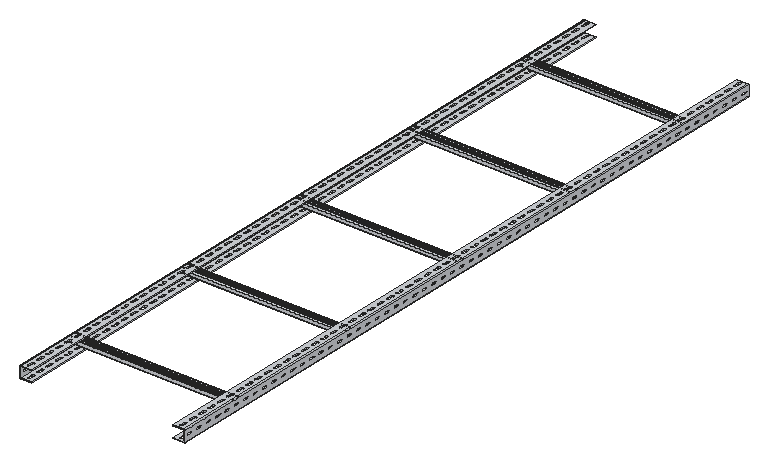
Revit family "steigeleiter_7_FT_FTSO_FTK_A2_A4.700rfa", category Generic Models, Revit 2017 (continued)
Automatic sketch dimensions
  Extrusion 33 sketch curve to Extrusion 33 sketch curve = 19 mm
  Extrusion 34 sketch curve to Extrusion 34 sketch curve = 19 mm
  Extrusion 35 sketch curve to Extrusion 35 sketch curve = 19 mm
  Extrusion 36 sketch curve to Extrusion 36 sketch curve = 19 mm
  Extrusion 37 sketch curve to Extrusion 37 sketch curve = 19 mm
  Extrusion 38 sketch curve to Extrusion 38 sketch curve = 19 mm
  Extrusion 39 sketch curve to Extrusion 39 sketch curve = 19 mm
  Extrusion 40 sketch curve to Extrusion 40 sketch curve = 19 mm
  Extrusion 41 sketch curve to Extrusion 41 sketch curve = 19 mm
  Extrusion 42 sketch curve to Extrusion 42 sketch curve = 19 mm
  Extrusion 43 sketch curve to Extrusion 43 sketch curve = 19 mm
  Extrusion 44 sketch curve to Extrusion 44 sketch curve = 19 mm
  Extrusion 45 sketch curve to Extrusion 45 sketch curve = 19 mm
  Extrusion 46 sketch curve to Extrusion 46 sketch curve = 19 mm
  Extrusion 47 sketch curve to Extrusion 47 sketch curve = 19 mm
  Extrusion 48 sketch curve to Extrusion 48 sketch curve = 19 mm
  Extrusion 49 sketch curve to Extrusion 49 sketch curve = 19 mm
  Extrusion 50 sketch curve to Extrusion 50 sketch curve = 19 mm
  Extrusion 51 sketch curve to Extrusion 51 sketch curve = 19 mm
  Extrusion 52 sketch curve to Extrusion 52 sketch curve = 19 mm
  Extrusion 53 sketch curve to Extrusion 53 sketch curve = 19 mm
  Extrusion 54 sketch curve to Extrusion 54 sketch curve = 19 mm
  Extrusion 55 sketch curve to Extrusion 55 sketch curve = 19 mm
  Extrusion 56 sketch curve to Extrusion 56 sketch curve = 19 mm
  Extrusion 57 sketch curve to Extrusion 57 sketch curve = 19 mm
  Extrusion 58 sketch curve to Extrusion 58 sketch curve = 19 mm
  Extrusion 59 sketch curve to Extrusion 59 sketch curve = 19 mm
  Extrusion 60 sketch curve to Extrusion 60 sketch curve = 19 mm
  Extrusion 61 sketch curve to Extrusion 61 sketch curve = 19 mm
  Extrusion 62 sketch curve to Extrusion 62 sketch curve = 19 mm
  Extrusion 63 sketch curve to Extrusion 63 sketch curve = 19 mm
  Extrusion 64 sketch curve to Extrusion 64 sketch curve = 19 mm
  Extrusion 65 sketch curve to Extrusion 65 sketch curve = 19 mm
  Extrusion 66 sketch curve to Extrusion 66 sketch curve = 19 mm
  Extrusion 67 sketch curve to Extrusion 67 sketch curve = 19 mm
  Extrusion 68 sketch curve to Extrusion 68 sketch curve = 19 mm
  Extrusion 69 sketch curve to Extrusion 69 sketch curve = 19 mm
  Extrusion 70 sketch curve to Extrusion 70 sketch curve = 19 mm
  Extrusion 71 sketch curve to Extrusion 71 sketch curve = 19 mm
  Extrusion 72 sketch curve to Extrusion 72 sketch curve = 19 mm
  Extrusion 73 sketch curve to Extrusion 73 sketch curve = 19 mm
  Extrusion 74 sketch curve to Extrusion 74 sketch curve = 19 mm
  Extrusion 75 sketch curve to Extrusion 75 sketch curve = 19 mm
  Extrusion 76 sketch curve to Extrusion 76 sketch curve = 19 mm
  Extrusion 77 sketch curve to Extrusion 77 sketch curve = 19 mm
  Extrusion 78 sketch curve to Extrusion 78 sketch curve = 19 mm
  Extrusion 79 sketch curve to Extrusion 79 sketch curve = 19 mm
  Extrusion 80 sketch curve to Extrusion 80 sketch curve = 19 mm
  Extrusion 81 sketch curve to Extrusion 81 sketch curve = 19 mm
  Extrusion 82 sketch curve to Extrusion 82 sketch curve = 19 mm
  Extrusion 83 sketch curve to Extrusion 83 sketch curve = 19 mm
  Extrusion 84 sketch curve to Extrusion 84 sketch curve = 19 mm
  Extrusion 85 sketch curve to Extrusion 85 sketch curve = 19 mm
  Extrusion 86 sketch curve to Extrusion 86 sketch curve = 19 mm
  Extrusion 87 sketch curve to Extrusion 87 sketch curve = 19 mm
  Extrusion 88 sketch curve to Extrusion 88 sketch curve = 19 mm
  Extrusion 89 sketch curve to Extrusion 89 sketch curve = 19 mm
  Extrusion 90 sketch curve to Extrusion 90 sketch curve = 19 mm
  Extrusion 91 sketch curve to Extrusion 91 sketch curve = 19 mm
  Extrusion 92 sketch curve to Extrusion 92 sketch curve = 19 mm
  Extrusion 93 sketch curve to Extrusion 93 sketch curve = 19 mm
  Extrusion 94 sketch curve to Extrusion 94 sketch curve = 19 mm
  Extrusion 95 sketch curve to Extrusion 95 sketch curve = 19 mm
  Extrusion 96 sketch curve to Extrusion 96 sketch curve = 19 mm
  Extrusion 97 sketch curve to Extrusion 97 sketch curve = 19 mm
  Extrusion 98 sketch curve to Extrusion 98 sketch curve = 19 mm
  Extrusion 99 sketch curve to Extrusion 99 sketch curve = 19 mm
  Extrusion 100 sketch curve to Extrusion 100 sketch curve = 19 mm
  Extrusion 101 sketch curve to Extrusion 101 sketch curve = 19 mm
  Extrusion 102 sketch curve to Extrusion 102 sketch curve = 19 mm
  Extrusion 103 sketch curve to Extrusion 103 sketch curve = 19 mm
  Extrusion 104 sketch curve to Extrusion 104 sketch curve = 19 mm
  Extrusion 105 sketch curve to Extrusion 105 sketch curve = 19 mm
  Extrusion 106 sketch curve to Extrusion 106 sketch curve = 19 mm
  Extrusion 107 sketch curve to Extrusion 107 sketch curve = 19 mm
  Extrusion 108 sketch curve to Extrusion 108 sketch curve = 19 mm
  Extrusion 109 sketch curve to Extrusion 109 sketch curve = 19 mm
  Extrusion 110 sketch curve to Extrusion 110 sketch curve = 19 mm
  Extrusion 111 sketch curve to Extrusion 111 sketch curve = 19 mm
  Extrusion 112 sketch curve to Extrusion 112 sketch curve = 19 mm
  Extrusion 113 sketch curve to Extrusion 113 sketch curve = 19 mm
  Extrusion 114 sketch curve to Extrusion 114 sketch curve = 19 mm
  Extrusion 115 sketch curve to Extrusion 115 sketch curve = 19 mm
  Extrusion 116 sketch curve to Extrusion 116 sketch curve = 19 mm
  Extrusion 117 sketch curve to Extrusion 117 sketch curve = 19 mm
  Extrusion 118 sketch curve to Extrusion 118 sketch curve = 19 mm
  Extrusion 119 sketch curve to Extrusion 119 sketch curve = 19 mm
  Extrusion 120 sketch curve to Extrusion 120 sketch curve = 19 mm
  Extrusion 121 sketch curve to Extrusion 121 sketch curve = 19 mm
  Extrusion 122 sketch curve to Extrusion 122 sketch curve = 19 mm
  Extrusion 123 sketch curve to Extrusion 123 sketch curve = 19 mm
  Extrusion 124 sketch curve to Extrusion 124 sketch curve = 19 mm
  Extrusion 125 sketch curve to Extrusion 125 sketch curve = 19 mm
  Extrusion 126 sketch curve to Extrusion 126 sketch curve = 19 mm
  Extrusion 127 sketch curve to Extrusion 127 sketch curve = 19 mm
  Extrusion 128 sketch curve to Extrusion 128 sketch curve = 19 mm
  Extrusion 129 sketch curve to Extrusion 129 sketch curve = 19 mm
  Extrusion 130 sketch curve to Extrusion 130 sketch curve = 19 mm
  Extrusion 131 sketch curve to Extrusion 131 sketch curve = 19 mm
  Extrusion 132 sketch curve to Extrusion 132 sketch curve = 19 mm
  Extrusion 133 sketch curve to Extrusion 133 sketch curve = 19 mm
  Extrusion 134 sketch curve to Extrusion 134 sketch curve = 19 mm
  Extrusion 135 sketch curve to Extrusion 135 sketch curve = 19 mm
  Extrusion 136 sketch curve to Extrusion 136 sketch curve = 19 mm
  Extrusion 137 sketch curve to Extrusion 137 sketch curve = 19 mm
  Extrusion 138 sketch curve to Extrusion 138 sketch curve = 19 mm
  Extrusion 139 sketch curve to Extrusion 139 sketch curve = 19 mm
  Extrusion 140 sketch curve to Extrusion 140 sketch curve = 19 mm
  Extrusion 141 sketch curve to Extrusion 141 sketch curve = 19 mm
  Extrusion 142 sketch curve to Extrusion 142 sketch curve = 19 mm
  Extrusion 143 sketch curve to Extrusion 143 sketch curve = 19 mm
  Extrusion 144 sketch curve to Extrusion 144 sketch curve = 19 mm
  Extrusion 145 sketch curve to Extrusion 145 sketch curve = 19 mm
  Extrusion 146 sketch curve to Extrusion 146 sketch curve = 19 mm
  Extrusion 147 sketch curve to Extrusion 147 sketch curve = 19 mm
  Extrusion 148 sketch curve to Extrusion 148 sketch curve = 19 mm
  Extrusion 149 sketch curve to Extrusion 149 sketch curve = 19 mm
  Extrusion 150 sketch curve to Extrusion 150 sketch curve = 19 mm
  Extrusion 151 sketch curve to Extrusion 151 sketch curve = 19 mm
  Extrusion 152 sketch curve to Extrusion 152 sketch curve = 19 mm
  Extrusion 153 sketch curve to Extrusion 153 sketch curve = 19 mm
  Extrusion 154 sketch curve to Extrusion 154 sketch curve = 19 mm
  Extrusion 155 sketch curve to Extrusion 155 sketch curve = 19 mm
  Extrusion 156 sketch curve to Extrusion 156 sketch curve = 19 mm
  Extrusion 157 sketch curve to Extrusion 157 sketch curve = 19 mm
  Extrusion 158 sketch curve to Extrusion 158 sketch curve = 19 mm
  Extrusion 159 sketch curve to Extrusion 159 sketch curve = 19 mm
  Extrusion 160 sketch curve to Extrusion 160 sketch curve = 19 mm
  Extrusion 161 sketch curve to Extrusion 161 sketch curve = 19 mm
  Extrusion 162 sketch curve to Extrusion 162 sketch curve = 19 mm
  Extrusion 163 sketch curve to Extrusion 163 sketch curve = 19 mm
  Extrusion 164 sketch curve to Extrusion 164 sketch curve = 19 mm
  Extrusion 165 sketch curve to Extrusion 165 sketch curve = 19 mm
  Extrusion 166 sketch curve to Extrusion 166 sketch curve = 19 mm
  Extrusion 167 sketch curve to Extrusion 167 sketch curve = 19 mm
  Extrusion 168 sketch curve to Extrusion 168 sketch curve = 19 mm
  Extrusion 169 sketch curve to Extrusion 169 sketch curve = 19 mm
  Extrusion 170 sketch curve to Extrusion 170 sketch curve = 19 mm
  Extrusion 171 sketch curve to Extrusion 171 sketch curve = 19 mm
  Extrusion 172 sketch curve to Extrusion 172 sketch curve = 19 mm
  Extrusion 173 sketch curve to Extrusion 173 sketch curve = 19 mm
  Extrusion 174 sketch curve to Extrusion 174 sketch curve = 19 mm
  Extrusion 175 sketch curve to Extrusion 175 sketch curve = 19 mm
  Extrusion 176 sketch curve to Extrusion 176 sketch curve = 19 mm
  Extrusion 177 sketch curve to Extrusion 177 sketch curve = 19 mm
  Extrusion 178 sketch curve to Extrusion 178 sketch curve = 19 mm
  Extrusion 179 sketch curve to Extrusion 179 sketch curve = 19 mm
  Extrusion 180 sketch curve to Extrusion 180 sketch curve = 19 mm
  Extrusion 181 sketch curve to Extrusion 181 sketch curve = 19 mm
  Extrusion 182 sketch curve to Extrusion 182 sketch curve = 19 mm
  Extrusion 183 sketch curve to Extrusion 183 sketch curve = 19 mm
  Extrusion 184 sketch curve to Extrusion 184 sketch curve = 19.197 mm
  Extrusion 185 sketch curve to Extrusion 185 sketch curve = 19.197 mm
  Extrusion 186 sketch curve to Extrusion 186 sketch curve = 19.197 mm
  Extrusion 187 sketch curve to Extrusion 187 sketch curve = 19.197 mm
  Extrusion 188 sketch curve to Extrusion 188 sketch curve = 19.197 mm
  Extrusion 189 sketch curve to Extrusion 189 sketch curve = 19.197 mm
  Extrusion 190 sketch curve to Extrusion 190 sketch curve = 19.197 mm
  Extrusion 191 sketch curve to Extrusion 191 sketch curve = 19.197 mm
  Extrusion 192 sketch curve to Extrusion 192 sketch curve = 19.197 mm
  Extrusion 193 sketch curve to Extrusion 193 sketch curve = 19.197 mm
  Extrusion 194 sketch curve to Extrusion 194 sketch curve = 19.197 mm
  Extrusion 195 sketch curve to Extrusion 195 sketch curve = 19.197 mm
  Extrusion 196 sketch curve to Extrusion 196 sketch curve = 19.197 mm
  Extrusion 197 sketch curve to Extrusion 197 sketch curve = 19.197 mm
  Extrusion 198 sketch curve to Extrusion 198 sketch curve = 19.197 mm
  Extrusion 199 sketch curve to Extrusion 199 sketch curve = 19.197 mm
  Extrusion 200 sketch curve to Extrusion 200 sketch curve = 19.197 mm
  Extrusion 201 sketch curve to Extrusion 201 sketch curve = 19.197 mm
  Extrusion 202 sketch curve to Extrusion 202 sketch curve = 19.197 mm
  Extrusion 203 sketch curve to Extrusion 203 sketch curve = 19.197 mm
  Extrusion 204 sketch curve to Extrusion 204 sketch curve = 19.197 mm
  Extrusion 205 sketch curve to Extrusion 205 sketch curve = 19.197 mm
  Extrusion 206 sketch curve to Extrusion 206 sketch curve = 19.197 mm
  Extrusion 207 sketch curve to Extrusion 207 sketch curve = 19.197 mm
  Extrusion 208 sketch curve to Extrusion 208 sketch curve = 19.197 mm
  Extrusion 209 sketch curve to Extrusion 209 sketch curve = 19.197 mm
  Extrusion 210 sketch curve to Extrusion 210 sketch curve = 19.197 mm
  Extrusion 211 sketch curve to Extrusion 211 sketch curve = 19.197 mm
  Extrusion 212 sketch curve to Extrusion 212 sketch curve = 19.197 mm
  Extrusion 213 sketch curve to Extrusion 213 sketch curve = 19.197 mm
  Extrusion 214 sketch curve to Extrusion 214 sketch curve = 19.197 mm
  Extrusion 215 sketch curve to Extrusion 215 sketch curve = 19.197 mm
  Extrusion 216 sketch curve to Extrusion 216 sketch curve = 19.197 mm
  Extrusion 217 sketch curve to Extrusion 217 sketch curve = 19.197 mm
  Extrusion 218 sketch curve to Extrusion 218 sketch curve = 19.197 mm
  Extrusion 219 sketch curve to Extrusion 219 sketch curve = 19.197 mm
  Extrusion 220 sketch curve to Extrusion 220 sketch curve = 19.197 mm
  Extrusion 221 sketch curve to Extrusion 221 sketch curve = 19.197 mm
  Extrusion 222 sketch curve to Extrusion 222 sketch curve = 19.197 mm
  Extrusion 223 sketch curve to Extrusion 223 sketch curve = 19.197 mm
  Extrusion 224 sketch curve to Extrusion 224 sketch curve = 19.197 mm
  Extrusion 225 sketch curve to Extrusion 225 sketch curve = 19.197 mm
  Extrusion 226 sketch curve to Extrusion 226 sketch curve = 19.197 mm
  Extrusion 227 sketch curve to Extrusion 227 sketch curve = 19.197 mm
  Extrusion 228 sketch curve to Extrusion 228 sketch curve = 19.197 mm
  Extrusion 229 sketch curve to Extrusion 229 sketch curve = 19.197 mm
  Extrusion 230 sketch curve to Extrusion 230 sketch curve = 19.197 mm
  Extrusion 231 sketch curve to Extrusion 231 sketch curve = 19.197 mm
  Extrusion 232 sketch curve to Extrusion 232 sketch curve = 19.197 mm
  Extrusion 233 sketch curve to Extrusion 233 sketch curve = 19.197 mm
  Extrusion 234 sketch curve to Extrusion 234 sketch curve = 19.197 mm
  Extrusion 235 sketch curve to Extrusion 235 sketch curve = 19.197 mm
  Extrusion 236 sketch curve to Extrusion 236 sketch curve = 19.197 mm
  Extrusion 237 sketch curve to Extrusion 237 sketch curve = 19.197 mm
  Extrusion 238 sketch curve to Extrusion 238 sketch curve = 19.197 mm
  Extrusion 239 sketch curve to Extrusion 239 sketch curve = 19.197 mm
  Extrusion 240 sketch curve to Extrusion 240 sketch curve = 19.197 mm
  Extrusion 241 sketch curve to Extrusion 241 sketch curve = 19.197 mm
  Extrusion 242 sketch curve to Extrusion 242 sketch curve = 19.197 mm
  level to Extrusion 124 sketch curve = 30.5 mm
  Extrusion 124 sketch curve to plane 1 "Center (Front/Back)" = 65.5 mm
  Extrusion 243 sketch curve to Extrusion 243 sketch curve = 19 mm
  Extrusion 244 sketch curve to Extrusion 244 sketch curve = 19 mm
  Extrusion 245 sketch curve to Extrusion 245 sketch curve = 19 mm
  Extrusion 246 sketch curve to Extrusion 246 sketch curve = 19 mm
  Extrusion 247 sketch curve to Extrusion 247 sketch curve = 19 mm
  Extrusion 248 sketch curve to Extrusion 248 sketch curve = 19 mm
  Extrusion 249 sketch curve to Extrusion 249 sketch curve = 19 mm
  Extrusion 250 sketch curve to Extrusion 250 sketch curve = 19 mm
  Extrusion 251 sketch curve to Extrusion 251 sketch curve = 19 mm
  Extrusion 252 sketch curve to Extrusion 252 sketch curve = 19 mm
  Extrusion 253 sketch curve to Extrusion 253 sketch curve = 19 mm
  Extrusion 254 sketch curve to Extrusion 254 sketch curve = 19 mm
  Extrusion 255 sketch curve to Extrusion 255 sketch curve = 19 mm
  Extrusion 256 sketch curve to Extrusion 256 sketch curve = 19 mm
  Extrusion 257 sketch curve to Extrusion 257 sketch curve = 19 mm
  Extrusion 258 sketch curve to Extrusion 258 sketch curve = 19 mm
  Extrusion 259 sketch curve to Extrusion 259 sketch curve = 19 mm
  Extrusion 260 sketch curve to Extrusion 260 sketch curve = 19 mm
  Extrusion 261 sketch curve to Extrusion 261 sketch curve = 19 mm
  Extrusion 262 sketch curve to Extrusion 262 sketch curve = 19 mm
  Extrusion 263 sketch curve to Extrusion 263 sketch curve = 19 mm
  Extrusion 264 sketch curve to Extrusion 264 sketch curve = 19 mm
  Extrusion 265 sketch curve to Extrusion 265 sketch curve = 19 mm
  Extrusion 266 sketch curve to Extrusion 266 sketch curve = 19 mm
  Extrusion 267 sketch curve to Extrusion 267 sketch curve = 19 mm
  Extrusion 268 sketch curve to Extrusion 268 sketch curve = 19 mm
  Extrusion 269 sketch curve to Extrusion 269 sketch curve = 19 mm
  Extrusion 270 sketch curve to Extrusion 270 sketch curve = 19 mm
  Extrusion 271 sketch curve to Extrusion 271 sketch curve = 19 mm
  Extrusion 272 sketch curve to Extrusion 272 sketch curve = 19 mm
  Extrusion 273 sketch curve to Extrusion 273 sketch curve = 19 mm
  Extrusion 274 sketch curve to Extrusion 274 sketch curve = 19 mm
  Extrusion 275 sketch curve to Extrusion 275 sketch curve = 19 mm
  Extrusion 276 sketch curve to Extrusion 276 sketch curve = 19 mm
  Extrusion 277 sketch curve to Extrusion 277 sketch curve = 19 mm
  Extrusion 278 sketch curve to Extrusion 278 sketch curve = 19 mm
  Extrusion 279 sketch curve to Extrusion 279 sketch curve = 19 mm
  Extrusion 280 sketch curve to Extrusion 280 sketch curve = 19 mm
  Extrusion 281 sketch curve to Extrusion 281 sketch curve = 19 mm
  Extrusion 282 sketch curve to Extrusion 282 sketch curve = 19 mm
  Extrusion 283 sketch curve to Extrusion 283 sketch curve = 19 mm
  Extrusion 284 sketch curve to Extrusion 284 sketch curve = 19 mm
  Extrusion 285 sketch curve to Extrusion 285 sketch curve = 19 mm
  Extrusion 286 sketch curve to Extrusion 286 sketch curve = 19 mm
  Extrusion 287 sketch curve to Extrusion 287 sketch curve = 19 mm
  Extrusion 288 sketch curve to Extrusion 288 sketch curve = 19 mm
  Extrusion 289 sketch curve to Extrusion 289 sketch curve = 19 mm
  Extrusion 290 sketch curve to Extrusion 290 sketch curve = 19 mm
  Extrusion 291 sketch curve to Extrusion 291 sketch curve = 19 mm
  Extrusion 292 sketch curve to Extrusion 292 sketch curve = 19 mm
  Extrusion 293 sketch curve to Extrusion 293 sketch curve = 19 mm
  Extrusion 294 sketch curve to Extrusion 294 sketch curve = 19 mm
  Extrusion 295 sketch curve to Extrusion 295 sketch curve = 19 mm
  Extrusion 296 sketch curve to Extrusion 296 sketch curve = 19 mm
  Extrusion 297 sketch curve to Extrusion 297 sketch curve = 19 mm
  Extrusion 298 sketch curve to Extrusion 298 sketch curve = 19 mm
  Extrusion 299 sketch curve to Extrusion 299 sketch curve = 19 mm
  Extrusion 300 sketch curve to Extrusion 300 sketch curve = 19 mm
  Extrusion 301 sketch curve to Extrusion 301 sketch curve = 19 mm
  Extrusion 62 sketch curve to plane 6 = 30.5 mm
  Extrusion 62 sketch curve to plane 1 "Center (Front/Back)" = 15.5 mm
  Extrusion 302 sketch curve to Extrusion 302 sketch curve = 19 mm
  Extrusion 303 sketch curve to Extrusion 303 sketch curve = 19 mm
  Extrusion 304 sketch curve to Extrusion 304 sketch curve = 19 mm
  Extrusion 305 sketch curve to Extrusion 305 sketch curve = 19 mm
  Extrusion 306 sketch curve to Extrusion 306 sketch curve = 19 mm
  Extrusion 307 sketch curve to Extrusion 307 sketch curve = 19 mm
  Extrusion 308 sketch curve to Extrusion 308 sketch curve = 19 mm
  Extrusion 309 sketch curve to Extrusion 309 sketch curve = 19 mm
  Extrusion 310 sketch curve to Extrusion 310 sketch curve = 19 mm
  Extrusion 311 sketch curve to Extrusion 311 sketch curve = 19 mm
  Extrusion 312 sketch curve to Extrusion 312 sketch curve = 19 mm
  Extrusion 313 sketch curve to Extrusion 313 sketch curve = 19 mm
  Extrusion 314 sketch curve to Extrusion 314 sketch curve = 19 mm
  Extrusion 315 sketch curve to Extrusion 315 sketch curve = 19 mm
  Extrusion 316 sketch curve to Extrusion 316 sketch curve = 19 mm
  Extrusion 317 sketch curve to Extrusion 317 sketch curve = 19 mm
  Extrusion 318 sketch curve to Extrusion 318 sketch curve = 19 mm
  Extrusion 319 sketch curve to Extrusion 319 sketch curve = 19 mm
  Extrusion 320 sketch curve to Extrusion 320 sketch curve = 19 mm
  Extrusion 321 sketch curve to Extrusion 321 sketch curve = 19 mm
  Extrusion 322 sketch curve to Extrusion 322 sketch curve = 19 mm
  Extrusion 323 sketch curve to Extrusion 323 sketch curve = 19 mm
  Extrusion 324 sketch curve to Extrusion 324 sketch curve = 19 mm
  Extrusion 325 sketch curve to Extrusion 325 sketch curve = 19 mm
  Extrusion 326 sketch curve to Extrusion 326 sketch curve = 19 mm
  Extrusion 327 sketch curve to Extrusion 327 sketch curve = 19 mm
  Extrusion 328 sketch curve to Extrusion 328 sketch curve = 19 mm
  Extrusion 329 sketch curve to Extrusion 329 sketch curve = 19 mm
  Extrusion 330 sketch curve to Extrusion 330 sketch curve = 19 mm
  Extrusion 331 sketch curve to Extrusion 331 sketch curve = 19 mm
  Extrusion 332 sketch curve to Extrusion 332 sketch curve = 19 mm
  Extrusion 333 sketch curve to Extrusion 333 sketch curve = 19 mm
  Extrusion 334 sketch curve to Extrusion 334 sketch curve = 19 mm
  Extrusion 335 sketch curve to Extrusion 335 sketch curve = 19 mm
  Extrusion 336 sketch curve to Extrusion 336 sketch curve = 19 mm
  Extrusion 337 sketch curve to Extrusion 337 sketch curve = 19 mm
  Extrusion 338 sketch curve to Extrusion 338 sketch curve = 19 mm
  Extrusion 339 sketch curve to Extrusion 339 sketch curve = 19 mm
  Extrusion 340 sketch curve to Extrusion 340 sketch curve = 19 mm
  Extrusion 341 sketch curve to Extrusion 341 sketch curve = 19 mm
  Extrusion 342 sketch curve to Extrusion 342 sketch curve = 19 mm
  Extrusion 343 sketch curve to Extrusion 343 sketch curve = 19 mm
  Extrusion 344 sketch curve to Extrusion 344 sketch curve = 19 mm
  Extrusion 345 sketch curve to Extrusion 345 sketch curve = 19 mm
  Extrusion 346 sketch curve to Extrusion 346 sketch curve = 19 mm
  Extrusion 347 sketch curve to Extrusion 347 sketch curve = 19 mm
  Extrusion 348 sketch curve to Extrusion 348 sketch curve = 19 mm
  Extrusion 349 sketch curve to Extrusion 349 sketch curve = 19 mm
  Extrusion 350 sketch curve to Extrusion 350 sketch curve = 19 mm
  Extrusion 351 sketch curve to Extrusion 351 sketch curve = 19 mm
  Extrusion 352 sketch curve to Extrusion 352 sketch curve = 19 mm
  Extrusion 353 sketch curve to Extrusion 353 sketch curve = 19 mm
  Extrusion 354 sketch curve to Extrusion 354 sketch curve = 19 mm
  Extrusion 355 sketch curve to Extrusion 355 sketch curve = 19 mm
  Extrusion 356 sketch curve to Extrusion 356 sketch curve = 19 mm
  Extrusion 357 sketch curve to Extrusion 357 sketch curve = 19 mm
  Extrusion 358 sketch curve to Extrusion 358 sketch curve = 19 mm
  Extrusion 359 sketch curve to Extrusion 359 sketch curve = 19 mm
  Extrusion 360 sketch curve to Extrusion 360 sketch curve = 19 mm
  Extrusion 361 sketch curve to Extrusion 361 sketch curve = 19.197 mm
  Extrusion 362 sketch curve to Extrusion 362 sketch curve = 1.994 mm
  Extrusion 362 sketch curve to Extrusion 362 sketch curve = 1 mm
  Extrusion 362 sketch curve to Extrusion 362 sketch curve = 4 mm
  Extrusion 362 sketch curve to Extrusion 362 sketch curve = 1.5 mm
  Extrusion 362 sketch curve to Extrusion 362 sketch curve = 1.517 mm
  Extrusion 362 sketch curve to Extrusion 362 sketch curve = 3.995 mm
  Extrusion 362 sketch curve to Extrusion 362 sketch curve = 1.022 mm
  Extrusion 362 sketch curve to Extrusion 362 sketch curve = 1.965 mm
  Extrusion 362 sketch curve to Extrusion 362 sketch curve = 0 mm  (x13)
  Extrusion 362 sketch curve to Extrusion 362 sketch curve = 1.269 mm  (x2)
  Extrusion 362 sketch curve to Extrusion 362 sketch curve = 1.983 mm
  Extrusion 362 sketch curve to Extrusion 362 sketch curve = 8.269 mm
  Extrusion 363 sketch curve to Extrusion 363 sketch curve = 1.994 mm
  Extrusion 363 sketch curve to Extrusion 363 sketch curve = 1 mm
  Extrusion 363 sketch curve to Extrusion 363 sketch curve = 4 mm
  Extrusion 363 sketch curve to Extrusion 363 sketch curve = 1.5 mm
  Extrusion 363 sketch curve to Extrusion 363 sketch curve = 1.517 mm
  Extrusion 363 sketch curve to Extrusion 363 sketch curve = 3.995 mm
  Extrusion 363 sketch curve to Extrusion 363 sketch curve = 1.022 mm
  Extrusion 363 sketch curve to Extrusion 363 sketch curve = 1.965 mm
  Extrusion 363 sketch curve to Extrusion 363 sketch curve = 0 mm  (x13)
  Extrusion 363 sketch curve to Extrusion 363 sketch curve = 1.269 mm  (x2)
  Extrusion 363 sketch curve to Extrusion 363 sketch curve = 1.983 mm
  Extrusion 363 sketch curve to Extrusion 363 sketch curve = 8.269 mm
  Extrusion 364 sketch curve to Extrusion 364 sketch curve = 1.994 mm
  Extrusion 364 sketch curve to Extrusion 364 sketch curve = 1 mm
  Extrusion 364 sketch curve to Extrusion 364 sketch curve = 4 mm
  Extrusion 364 sketch curve to Extrusion 364 sketch curve = 1.5 mm
  Extrusion 364 sketch curve to Extrusion 364 sketch curve = 1.517 mm
  Extrusion 364 sketch curve to Extrusion 364 sketch curve = 3.995 mm
  Extrusion 364 sketch curve to Extrusion 364 sketch curve = 1.022 mm
  Extrusion 364 sketch curve to Extrusion 364 sketch curve = 1.965 mm
  Extrusion 364 sketch curve to Extrusion 364 sketch curve = 0 mm  (x13)
  Extrusion 364 sketch curve to Extrusion 364 sketch curve = 1.269 mm  (x2)
  Extrusion 364 sketch curve to Extrusion 364 sketch curve = 1.983 mm
  Extrusion 364 sketch curve to Extrusion 364 sketch curve = 8.269 mm
  Extrusion 365 sketch curve to Extrusion 365 sketch curve = 1.994 mm
  Extrusion 365 sketch curve to Extrusion 365 sketch curve = 1 mm
  Extrusion 365 sketch curve to Extrusion 365 sketch curve = 4 mm
  Extrusion 365 sketch curve to Extrusion 365 sketch curve = 1.5 mm
  Extrusion 365 sketch curve to Extrusion 365 sketch curve = 1.517 mm
  Extrusion 365 sketch curve to Extrusion 365 sketch curve = 3.995 mm
  Extrusion 365 sketch curve to Extrusion 365 sketch curve = 1.022 mm
  Extrusion 365 sketch curve to Extrusion 365 sketch curve = 1.965 mm
  Extrusion 365 sketch curve to Extrusion 365 sketch curve = 0 mm  (x13)
  Extrusion 365 sketch curve to Extrusion 365 sketch curve = 1.269 mm  (x2)
  Extrusion 365 sketch curve to Extrusion 365 sketch curve = 1.983 mm
  Extrusion 365 sketch curve to Extrusion 365 sketch curve = 8.269 mm
  Extrusion 366 sketch curve to Extrusion 366 sketch curve = 1.994 mm
  Extrusion 366 sketch curve to Extrusion 366 sketch curve = 1 mm
  Extrusion 366 sketch curve to Extrusion 366 sketch curve = 4 mm
  Extrusion 366 sketch curve to Extrusion 366 sketch curve = 1.5 mm
  Extrusion 366 sketch curve to Extrusion 366 sketch curve = 1.517 mm
  Extrusion 366 sketch curve to Extrusion 366 sketch curve = 3.995 mm
  Extrusion 366 sketch curve to Extrusion 366 sketch curve = 1.022 mm
  Extrusion 366 sketch curve to Extrusion 366 sketch curve = 1.965 mm
  Extrusion 366 sketch curve to Extrusion 366 sketch curve = 0 mm  (x13)
  Extrusion 366 sketch curve to Extrusion 366 sketch curve = 1.269 mm  (x2)
  Extrusion 366 sketch curve to Extrusion 366 sketch curve = 1.983 mm
  Extrusion 366 sketch curve to Extrusion 366 sketch curve = 8.269 mm
